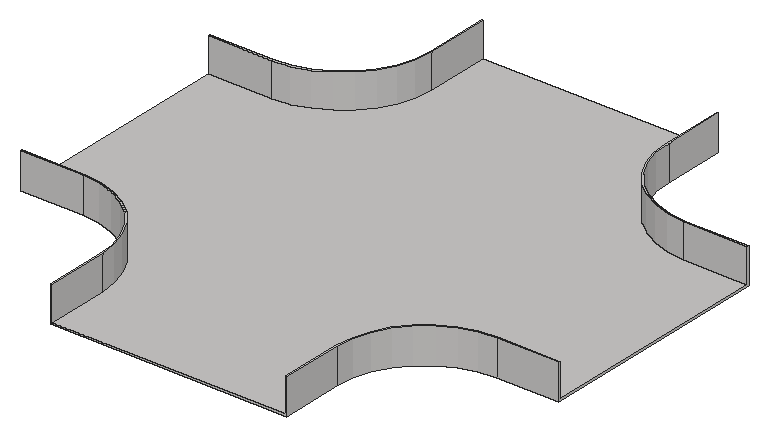
Revit family "Cable_Tray_Fitting-Wire_Mesh_Tray-OBO_Bettermann-Channel_Horizontal_Cross_Over_400-600-GR_Magic", category Cable Tray Fittings, Revit 2012
Parameters (values of type "Hot Dipped Galvanised")
  URL = "http://www.obo-bettermann.com/"
  Tray Width 3 [instance] = 400 mm
  Tray Width 1 [instance] = 400 mm
  Tray Length [instance] = 1.588 mm
  Tray Height [instance] = 60 mm
  built-in parameter 1140111 [instance] = 2.58 mm
  Radius Label 1 = Radius + 2.6 mm  # 152.6 mm
  Radius Label [instance] = Radius  # 150 mm
  Radius = 150 mm
  Product Page URL = "http://catalog2.obo-bettermann.com/catalogue/catalogue.do?favOid=kts_315619&act=showIO&lang=en&action=start&catId=KTS&forward=showSolutionView"
  Product Documentation Link = ""
  Pre Galvanized = yes
  Model = "GR-Magic"
  Manufacturer = "OBO Bettermann"
  Description = "Wire Mesh Cable Tray"
  Connector Description 4 = "Connector for Cable Tray 4"  # constant formula
  Connector Description 3 = "Connector for Cable Tray 3"  # constant formula
  Connector Description 2 = "Connector for Cable Tray 2"  # constant formula
  Connector Description = "Connector for Cable Tray 1"  # constant formula
  Classification = "Refer to online Catalog for UL and cUL classifed sizes and wire sizes."
  Cable Tray Material = Metal - OBO Bettermann - Hot-Dipped-Galvanised
  Assembly Code = "D5030600"
Types (2, lengths in mm): name | Cable Tray Material
  Electro Galvanised | Metal - OBO Bettermann - Electro-Galvanised
  Hot Dipped Galvanised | Metal - OBO Bettermann - Hot-Dipped-Galvanised
Reference planes
  plane 1 "Center (Front/Back)": y = 0
  plane 2: z = 0
  plane 3 "Center (Left/Right)": x = 0
  plane 4: y = 200
  plane 5: y = -200
  plane 6: z = 30
  plane 7: z = -30
  plane 8: y = -453.413
  plane 9: x = -200
  plane 10: x = 200
  plane 11: x = -453.412
  plane 12: x = 453.413
  plane 13: y = -197.42
  plane 14: y = 197.42
  plane 15: y = -455
  plane 16: x = -197.42
  plane 17: x = 197.42
  plane 18: x = -455
  plane 19: x = 455
  plane 20: z = -27.42
  plane 21: y = 453.412
  plane 22: y = 455
Forms (mm)
  Extrusion 1, solid, material "Metal - OBO Bettermann - Hot-Dipped-Galvanised" <- "Cable Tray Material", detail levels medium+fine
    sketch origin (377.212, 0, 0) x (1, 0, 0) y (0, 1, 0)
      loop
        line (-832.212, -197.42) -> (-832.212, -200) -> (-727.212, -200)
        arc (-727.212, -200) -> (-621.146, -243.934) -> (-577.212, -350) r 150
        line (-577.212, -350) -> (-577.212, -455) -> (-574.633, -455) -> (-574.633, -347.51)
        arc (-574.633, -347.51) -> (-619.308, -242.096) -> (-724.723, -197.42) r 152.6
        line (-724.723, -197.42) -> (-832.212, -197.42)
      loop
        line (-27.212, -200) -> (77.788, -200) -> (77.788, -197.42) -> (-29.702, -197.42)
        arc (-29.702, -197.42) -> (-135.117, -242.096) -> (-179.792, -347.51) r 152.6
        line (-179.792, -347.51) -> (-179.792, -455) -> (-177.212, -455) -> (-177.212, -350)
        arc (-177.212, -350) -> (-133.279, -243.934) -> (-27.212, -200) r 150
      loop
        line (-832.212, 197.42) -> (-724.723, 197.42)
        arc (-724.723, 197.42) -> (-619.308, 242.096) -> (-574.633, 347.51) r 152.6
        line (-574.633, 347.51) -> (-574.633, 455) -> (-577.212, 455) -> (-577.212, 350)
        arc (-577.212, 350) -> (-621.146, 243.934) -> (-727.212, 200) r 150
        line (-727.212, 200) -> (-832.212, 200) -> (-832.212, 197.42)
      loop
        arc (-27.212, 200) -> (-133.279, 243.934) -> (-177.212, 350) r 150
        line (-177.212, 350) -> (-177.212, 455) -> (-179.792, 455) -> (-179.792, 347.51)
        arc (-179.792, 347.51) -> (-135.117, 242.096) -> (-29.702, 197.42) r 152.6
        line (-29.702, 197.42) -> (77.788, 197.42) -> (77.788, 200) -> (-27.212, 200)
    from -30 to 30
  Extrusion 2, solid, material "Metal - OBO Bettermann - Hot-Dipped-Galvanised" <- "Cable Tray Material", detail levels medium+fine
    sketch origin (0, 0, 0) x (1, 0, 0) y (0, 1, 0)
      loop
        line (-455, 200) -> (-455, -200) -> (-350, -200)
        arc (-350, -200) -> (-243.934, -243.934) -> (-200, -350) r 150
        line (-200, -350) -> (-200, -455) -> (200, -455) -> (200, -350)
        arc (200, -350) -> (243.934, -243.934) -> (350, -200) r 150
        line (350, -200) -> (455, -200) -> (455, 200) -> (350, 200)
        arc (350, 200) -> (243.934, 243.934) -> (200, 350) r 150
        line (200, 350) -> (200, 455) -> (-200, 455) -> (-200, 350)
        arc (-200, 350) -> (-243.934, 243.934) -> (-350, 200) r 150
        line (-350, 200) -> (-455, 200)
    from -30 to -27.42
  Extrusion 3, solid, material "Metal - OBO Bettermann - Hot-Dipped-Galvanised" <- "Cable Tray Material", detail levels medium
    sketch origin (0, 0, 0) x (1, 0, 0) y (0, 1, 0)
      loop
        line (-455, 200) -> (-455, -200) -> (-350, -200)
        arc (-350, -200) -> (-243.934, -243.934) -> (-200, -350) r 150
        line (-200, -350) -> (-200, -455) -> (200, -455) -> (200, -350)
        arc (200, -350) -> (243.934, -243.934) -> (350, -200) r 150
        line (350, -200) -> (455, -200) -> (455, 200) -> (350, 200)
        arc (350, 200) -> (243.934, 243.934) -> (200, 350) r 150
        line (200, 350) -> (200, 455) -> (-200, 455) -> (-200, 350)
        arc (-200, 350) -> (-243.934, 243.934) -> (-350, 200) r 150
        line (-350, 200) -> (-455, 200)
    from -30 to 30
Cuts and joins
  joined: Extrusion 1, Extrusion 2
Lines and regions (mm)
  model lines, style "Coarse View", detail levels coarse
    curve 1: line (-455, 0, 0) -> (455, 0, 0)
    curve 2: line (0, 0, 0) -> (0, -455, 0)
    curve 3: line (0, 455, 0) -> (0, 0, 0)
  symbolic lines, detail levels fine
    curve 4: line (197.42, 455, 0) -> (197.42, 453.412, 0)
    curve 5: line (453.413, 197.42, 0) -> (455, 197.42, 0)
    curve 6: line (455, -197.42, 0) -> (453.413, -197.42, 0)
    curve 7: line (197.42, -453.413, 0) -> (197.42, -455, 0)
    curve 8: line (-197.42, -455, 0) -> (-197.42, -453.413, 0)
    curve 9: line (-453.412, -197.42, 0) -> (-455, -197.42, 0)
    curve 10: line (-200, -350, 0) -> (-200, -455, 0)
    curve 11: arc (-350, -200, 0) -> (-243.934, -243.934, 0) -> (-200, -350, 0) r 150
    curve 12: line (-455, -200, 0) -> (-350, -200, 0)
    curve 13: line (350, -200, 0) -> (455, -200, 0)
    curve 14: arc (200, -350, 0) -> (243.934, -243.934, 0) -> (350, -200, 0) r 150
    curve 15: line (200, -455, 0) -> (200, -350, 0)
    curve 16: line (200, 350, 0) -> (200, 455, 0)
    curve 17: arc (350, 200, 0) -> (243.934, 243.934, 0) -> (200, 350, 0) r 150
    curve 18: line (455, 200, 0) -> (350, 200, 0)
    curve 19: line (-350, 200, 0) -> (-455, 200, 0)
    curve 20: arc (-200, 350, 0) -> (-243.934, 243.934, 0) -> (-350, 200, 0) r 150
    curve 21: line (-200, 455, 0) -> (-200, 350, 0)
Dimensions and locks
  equal spacing: plane 4, plane 1 "Center (Front/Back)", plane 5
  "Tray Width 1": plane 4 to plane 5
  equal spacing: plane 6, plane 2, plane 7
  "Tray Height": plane 6 to plane 7
  equal spacing: plane 9, plane 3 "Center (Left/Right)", plane 10
  "Tray Width 3": plane 9 to plane 10
  "built-in parameter 1140111": plane 13 to plane 5
  "built-in parameter 1140111": plane 4 to plane 14
  "Tray Length": plane 8 to plane 15
  "built-in parameter 1140111": plane 9 to plane 16
  "built-in parameter 1140111": plane 17 to plane 10
  "Tray Length": plane 18 to plane 11
  "Tray Length": plane 12 to plane 19
  "built-in parameter 1140111": plane 20 to plane 7
  "Tray Length": plane 21 to plane 22
  locked: plane 18 to plane 9 at 255
  locked: plane 10 to plane 19 at 255
  equal spacing: plane 18, plane 3 "Center (Left/Right)", plane 19
  locked: plane 4 to plane 22 at 255
  locked: plane 5 to plane 15 at 255
  equal spacing: plane 15, plane 1 "Center (Front/Back)", plane 22
  "Radius Label": radius of Extrusion 3 sketch curve  (x4)
  "Radius Label": radius of Extrusion 1 sketch curve  (x4)
  "Radius Label 1": radius of Extrusion 1 sketch curve  (x4)
  aligned and locked: Extrusion 1 to plane 7
  aligned and locked: plane 6 to Extrusion 1
  aligned and locked: plane 5 to Extrusion 2 sketch curve
  aligned and locked: plane 19 to Extrusion 2 sketch curve
  aligned and locked: plane 9 to Extrusion 2 sketch curve
  aligned and locked: Extrusion 2 sketch curve to plane 15
  aligned and locked: Extrusion 2 to plane 7
  aligned and locked: plane 20 to Extrusion 2
  aligned and locked: plane 18 to Extrusion 3 sketch curve
  aligned and locked: Extrusion 3 sketch curve to plane 5
  aligned and locked: plane 4 to Extrusion 3 sketch curve  (x2)
  aligned and locked: plane 5 to Extrusion 3 sketch curve
  aligned and locked: plane 10 to Extrusion 3 sketch curve
  aligned and locked: plane 9 to Extrusion 3 sketch curve
  aligned and locked: Extrusion 3 sketch curve to plane 15
  aligned and locked: Extrusion 3 to plane 7
  aligned and locked: plane 6 to Extrusion 3
  aligned and locked: plane 19 to curve 1
  aligned and locked: plane 18 to curve 1
  aligned and locked: plane 15 to curve 2
  aligned and locked: plane 1 "Center (Front/Back)" to curve 2
  aligned and locked: curve 2 to plane 3 "Center (Left/Right)"
  aligned and locked: plane 22 to curve 3
  aligned and locked: curve 3 to plane 3 "Center (Left/Right)"
  aligned and locked: plane 18 to curve 9
  aligned and locked: plane 15 to curve 8
  aligned and locked: plane 15 to curve 7
  aligned and locked: plane 19 to curve 6
  aligned and locked: plane 19 to curve 5
  aligned and locked: plane 22 to curve 4
  aligned and locked: Extrusion 2 sketch curve to cut or joined group of Extrusion 1, Extrusion 2  (x8)
  aligned and locked: curve 11 to cut or joined group of Extrusion 1, Extrusion 2
  aligned and locked: curve 12 to cut or joined group of Extrusion 1, Extrusion 2
  aligned and locked: curve 14 to cut or joined group of Extrusion 1, Extrusion 2
  aligned and locked: curve 17 to cut or joined group of Extrusion 1, Extrusion 2
  aligned and locked: curve 18 to cut or joined group of Extrusion 1, Extrusion 2
  aligned and locked: curve 20 to cut or joined group of Extrusion 1, Extrusion 2
  aligned and locked: curve 21 to cut or joined group of Extrusion 1, Extrusion 2
Automatic sketch dimensions
  curve 9 to plane 11 = 0 mm
  curve 7 to plane 8 = 0 mm
  curve 7 to plane 17 = 0 mm
  curve 4 to plane 17 = 0 mm
  curve 6 to plane 13 = 0 mm
  curve 9 to plane 13 = 0 mm
  Extrusion 3 sketch curve to plane 9 = 0 mm
  Extrusion 3 sketch curve to plane 10 = 0 mm
  Extrusion 3 sketch curve to plane 19 = 0 mm
  plane 22 to Extrusion 3 sketch curve = 0 mm
  Extrusion 1 sketch curve to Extrusion 1 sketch curve = 0 mm  (x8)
  Extrusion 1 sketch curve to plane 13 = 0 mm  (x2)
  Extrusion 1 sketch curve to plane 18 = 0 mm  (x2)
  Extrusion 1 sketch curve to plane 4 = 0 mm  (x2)
  Extrusion 1 sketch curve to plane 5 = 0 mm  (x2)
  Extrusion 1 sketch curve to plane 14 = 0 mm  (x2)
  Extrusion 1 sketch curve to plane 9 = 0 mm  (x2)
  Extrusion 1 sketch curve to plane 16 = 0 mm  (x2)
  Extrusion 1 sketch curve to plane 17 = 0 mm  (x2)
  Extrusion 1 sketch curve to plane 10 = 0 mm  (x2)
  Extrusion 1 sketch curve to plane 19 = 0 mm  (x2)
  Extrusion 1 sketch curve to plane 15 = 0 mm  (x2)
  plane 22 to Extrusion 1 sketch curve = 0 mm  (x2)
  Extrusion 2 sketch curve to plane 18 = 0 mm
  plane 22 to Extrusion 2 sketch curve = 0 mm
  curve 10 to plane 15 = 0 mm
  curve 12 to plane 18 = 0 mm
  curve 8 to plane 8 = 0 mm
  curve 8 to plane 16 = 0 mm
  curve 6 to plane 12 = 0 mm
  curve 13 to plane 19 = 0 mm
  curve 15 to plane 15 = 0 mm
  plane 22 to curve 16 = 0 mm
  curve 18 to plane 19 = 0 mm
  curve 5 to plane 12 = 0 mm
  curve 5 to plane 14 = 0 mm
  plane 21 to curve 4 = 0 mm
  curve 19 to plane 18 = 0 mm
  plane 22 to curve 21 = 0 mm
Connectors
  cabletrayconduit at (-455, 0, 0), driven by "Tray Height", driven by "Tray Width 1", driven by "Connector Description"
    settings: on Extrusion 3, index 1, connector width 400 mm, connector height 60 mm, connector radius 304.8 mm, connector angle 0.00°, system type 32, placement type 0, profile type 1, connector reference index 2, is primary connector yes, connector utility param no, connector description "Connector for Cable Tray 1"
  cabletrayconduit at (455, 0, 0), driven by "Tray Height", driven by "Tray Width 1", driven by "Connector Description 2"
    settings: on Extrusion 3, index 2, connector width 400 mm, connector height 60 mm, connector radius 304.8 mm, connector angle 0.00°, system type 32, placement type 0, profile type 1, connector reference index 1, is primary connector no, connector utility param no, connector description "Connector for Cable Tray 2"
  cabletrayconduit at (0, -455, 0), driven by "Tray Height", driven by "Tray Width 3", driven by "Connector Description 3"
    settings: on Extrusion 3, index 3, connector width 400 mm, connector height 60 mm, connector radius 304.8 mm, connector angle 0.00°, system type 32, placement type 0, profile type 1, connector reference index 4, is primary connector no, connector utility param no, connector description "Connector for Cable Tray 3"
  cabletrayconduit at (0, 455, 0), driven by "Tray Height", driven by "Tray Width 3", driven by "Connector Description 4"
    settings: on Extrusion 3, index 4, connector width 400 mm, connector height 60 mm, connector radius 304.8 mm, connector angle 0.00°, system type 32, placement type 0, profile type 1, connector reference index 3, is primary connector no, connector utility param no, connector description "Connector for Cable Tray 4"
